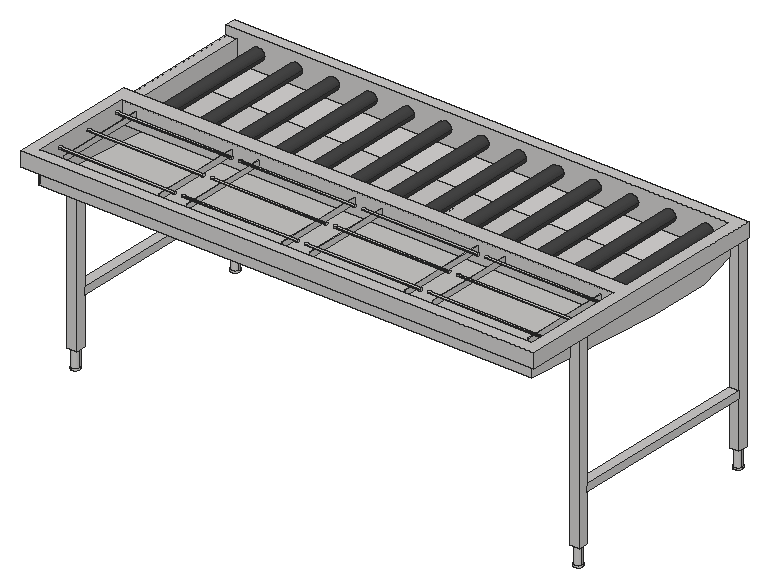
Revit family "QF_ELECTROLUXPROFESSIONAL_865258_HSMSS4RL", category Specialty Equipment, Revit 2018
Family settings
  Round Connector Dimension = Use Diameter
  Part Type = Normal
  Work Plane-Based = No
  Always vertical = Yes
  Cut with Voids When Loaded = No
  Shared = No
  Room Calculation Point = No
Parameters
  Weight = 0.00 kg
  Watts = 0 W
  Volts = 0 V
  URL Manufacturer = ""
  Steam Supply Size = 0 mm
  Steam Supply Minimum Pressure = 0.0 Pa
  Steam Supply Maximum Pressure = 0.0 Pa
  Steam Pounds per Hour = 0
  Refrigeration Suction Line Size = 0 mm
  Refrigeration Liquid Line Size = 0 mm
  Refrigerant Compressor Remote = yes
  Phase = 0
  Length Actual = 0 mm
  Item Number = ""
  Hot Water Size = 0 mm
  Height Actual = 0 mm
  HP = ""
  Gas Size = 0 mm
  Gas KW = 0
  Gas Input Pressure = 0 W
  Depth Actual = 0 mm
  Cycle = 0 Hz
  Condensate Return Size = 0 mm
  Compressed Air Volume = 0.0 L/s
  Compressed Air Size = 0 mm
  Compressed Air Pressure = 0.0 Pa
  Cold Water Size = 0 mm
  Accessory = yes
Reference planes
  plane 1: z = 0
  plane 2 "RIGHT": x = 810
  plane 3: z = 910
  plane 4: z = 0
  plane 5: z = 300
  plane 6 "BACK": y = 310
  plane 7 "FRONT": y = -800
  plane 8 "LEFT": x = -1320
  plane 9 "Center": y = 0
Forms (mm)
  Extrusion 1, solid, material "QF_Finishes_Stainless Steel"
    sketch origin (0, 0, 0) x (-1, 0, 0) y (0, -1, 0)
      loop
        line (1320, 800) -> (-810, 800) -> (-810, -310) -> (1320, -310) -> (1320, -265) -> (-765, -265) -> (-765, 755) -> (1275, 755) -> (1275, 265) -> (1320, 265) -> (1320, 800)
    from 850.091 to 910
  Extrusion 2, solid, material "QF_Finishes_Stainless Steel"
    sketch origin (0, 0, 0) x (0, 1, 0) y (0, 0, -1)
      loop
        line (-756.248, -850.091) -> (-755, -850.091) -> (-755, -784.848) -> (-131.111, -741.138) -> (130.374, -741.138) -> (265, -784.879) -> (265, -850.091) -> (266.249, -850.091) -> (266.249, -782.13) -> (130.849, -738.138) -> (-131.216, -738.138) -> (-756.248, -781.928) -> (-756.248, -850.091)
    from -765 to 1275
  Revolve 3, solid, material "QF_Finishes_Stainless Steel"
    sketch origin (-255, 0.526, -123.199) x (-1, 0, 0) y (0, 0, -1)
      loop
        line (76.494, -861.337) -> (76.494, -847.59)
        arc (76.494, -847.59) -> (75.89, -845.987) -> (74.39, -845.16) r 2.474
        arc (74.39, -845.16) -> (71.083, -841.301) -> (74.377, -837.43) r 3.913
        arc (74.377, -837.43) -> (75.887, -836.598) -> (76.494, -834.985) r 2.49
        line (76.494, -834.985) -> (76.494, -794.661)
        arc (76.494, -794.661) -> (65.844, -763.962) -> (38.457, -746.476) r 49.516
        line (38.457, -746.476) -> (38.457, -743.987) -> (37.25, -742.336) -> (37.25, -740.749) -> (23.47, -734.749) -> (23.47, -698.838) -> (21.946, -697.377) -> (0, -697.377) -> (0, -861.337) -> (76.494, -861.337)
      axis (0, -861.337) -> (0, -697.377)
    angle from 0 to 360
  Extrusion 4, solid, material "QF_Finishes_Stainless Steel"
    sketch origin (0, 0, 0) x (-1, 0, 0) y (0, -1, 0)
      loop
        line (-765, 330.124) -> (-765, 265) -> (1275, 265) -> (1275, 330.124) -> (-765, 330.124)
    from 820 to 910
  Extrusion 5, solid, material "QF_Finishes_Stainless Steel"
    sketch origin (6.015, 0, -602.691) x (-1, 0, 0) y (0, -1, 0)
      loop
        line (1283.015, -266.249) -> (1323.015, -266.249) -> (1323.015, 521.738) -> (1283.015, 521.738) -> (1283.015, -266.249)
    from 872.691 to 902.691
  Extrusion 6, solid, material "QF_Finishes_Stainless Steel"
    sketch origin (-1277, 0, 0) x (0, 1, 0) y (0, 0, -1)
      loop
        line (-756.248, -781.928) -> (-756.248, -850.091) -> (-265, -850.091) -> (-265, -875) -> (265, -875) -> (265, -850.091) -> (266.249, -850.091) -> (266.249, -782.13) -> (130.849, -738.138) -> (-131.216, -738.138) -> (-756.248, -781.928)
    from 0 to -2
  Extrusion 7, solid, material "QF_Finishes_Stainless Steel"
    sketch origin (767, 0, 0) x (0, 1, 0) y (0, 0, 1)
      loop
        line (-756.248, 850.091) -> (-756.248, 781.928) -> (-131.216, 738.138) -> (130.849, 738.138) -> (266.249, 782.13) -> (266.249, 850.091) -> (-756.248, 850.091)
    from 0 to -2
  Extrusion 8, solid, material "QF_Finishes_Stainless Steel"
    sketch origin (-516, 0.054, -598.981) x (1, 0, 0) y (0, 1, 0)
      loop
        line (1283, 266.195) -> (1283, -521.792) -> (1323, -521.792) -> (1323, 266.195) -> (1283, 266.195)
    from 869.081 to 898.981
  Extrusion 9, solid, material "QF_Finishes_Black"
    sketch origin (0, -2.5, 0) x (-1, 0, 0) y (0, 0, 1)
      loop
        circle (255, 850.047) r 25
      loop
        circle (100, 850.047) r 25
      loop
        circle (-55, 850.047) r 25
      loop
        circle (-210, 850.047) r 25
      loop
        circle (-365, 850.047) r 25
      loop
        circle (-520, 850.047) r 25
      loop
        circle (-675, 850.047) r 25
      loop
        circle (410, 850.047) r 25
      loop
        circle (565, 850.047) r 25
      loop
        circle (720, 850.047) r 25
      loop
        circle (875, 850.047) r 25
      loop
        circle (1030, 850.047) r 25
      loop
        circle (1185, 850.047) r 25
    from -262.5 to 267.5
  Extrusion 10, solid, material "QF_Finishes_Stainless Steel"
    sketch origin (0, -7.263, 2.863) x (-1, 0, 0) y (0, -1, 0)
      loop
        line (-200.029, 694.438) -> (-200.029, 322.861) -> (-196.981, 322.861) -> (-196.981, 694.438) -> (-200.029, 694.438)
      loop
        line (196.981, 694.438) -> (196.981, 322.861) -> (200.029, 322.861) -> (200.029, 694.438) -> (196.981, 694.438)
      loop
        line (-710.007, 694.438) -> (-710.007, 322.861) -> (-707.023, 322.861) -> (-707.023, 694.438) -> (-710.007, 694.438)
      loop
        line (-312.998, 694.438) -> (-312.998, 322.861) -> (-310.013, 322.861) -> (-310.013, 694.438) -> (-312.998, 694.438)
      loop
        line (1220.049, 694.438) -> (1217.001, 694.438) -> (1217.001, 322.861) -> (1220.049, 322.861) -> (1220.049, 694.438)
      loop
        line (823.039, 694.438) -> (819.991, 694.438) -> (819.991, 322.861) -> (823.039, 322.861) -> (823.039, 694.438)
      loop
        line (710.007, 694.438) -> (707.023, 694.438) -> (707.023, 322.861) -> (710.007, 322.861) -> (710.007, 694.438)
      loop
        line (312.997, 694.438) -> (310.013, 694.438) -> (310.013, 322.861) -> (312.997, 322.861) -> (312.997, 694.438)
    from 860 to 881.896
  Extrusion 11, solid, material "QF_Finishes_Stainless Steel"
    sketch origin (-2327.512, 265, 0) x (0, 1, 0) y (0, 0, 1)
      loop
        circle (-937.158, 888.745) r 3.985
      loop
        circle (-788.819, 888.745) r 3.985
      loop
        circle (-640.48, 888.745) r 3.985
    from 1067.5 to 1547.5
  Extrusion 12, solid, material "QF_Finishes_Stainless Steel"
    sketch origin (-1817.533, 265, 0) x (0, 1, 0) y (0, 0, 1)
      loop
        circle (-937.158, 888.745) r 3.985
      loop
        circle (-788.819, 888.745) r 3.985
      loop
        circle (-640.48, 888.745) r 3.985
    from 1067.5 to 1547.5
  Extrusion 13, solid, material "QF_Finishes_Stainless Steel"
    sketch origin (-1307.491, 265, 0) x (0, 1, 0) y (0, 0, 1)
      loop
        circle (-937.158, 888.745) r 3.985
      loop
        circle (-788.819, 888.745) r 3.985
      loop
        circle (-640.48, 888.745) r 3.985
    from 1067.5 to 1547.5
  Extrusion 14, solid, material "QF_Finishes_Stainless Steel"
    sketch origin (-797.513, 265, 0) x (0, 1, 0) y (0, 0, 1)
      loop
        circle (-937.158, 888.745) r 3.985
      loop
        circle (-788.819, 888.745) r 3.985
      loop
        circle (-640.48, 888.745) r 3.985
    from 1067.5 to 1547.5
  Extrusion 15, solid, material "QF_Finishes_Stainless Steel"
    sketch origin (-1767.022, 52.5, 0) x (0, 1, 0) y (0, 0, -1)
      loop
        line (-362.5, -835) -> (-362.5, -850.091) -> (-317.5, -850.091) -> (-317.5, -875) -> (212.5, -875) -> (212.5, -850.091) -> (257.5, -850.091) -> (257.5, -835) -> (242.5, -820) -> (-347.5, -820) -> (-362.5, -835)
    from -450 to -447.022
  Extrusion 16, solid, material "QF_Finishes_Stainless Steel"
    sketch origin (1280, 265, 0) x (-1, 0, 0) y (0, 0, -1)
      loop
        line (2597.022, -875) -> (2597.022, -872) -> (2557, -872) -> (2557, -875) -> (2597.022, -875)
    from 0 to 530
Cuts and joins
  joined: Extrusion 1, Extrusion 2, Revolve 3, Extrusion 4, Extrusion 6, Extrusion 7, Extrusion 10, Extrusion 11, Extrusion 12, Extrusion 13, Extrusion 14, Extrusion 15, Extrusion 16
Lines and regions (mm)
  Split face 1
    outline origin (-131.315, -0.079, 741.138) x (-1, 0, 0) y (0, -1, 0)
      loop
        circle (123.685, -0.035) r 73.783
  Split face 2
    outline origin (-131.315, -0.079, 741.138) x (-1, 0, 0) y (0, -1, 0)
      loop
        circle (123.685, -0.035) r 66.01
  Split face 3
    outline origin (-131.315, -0.079, 741.138) x (-1, 0, 0) y (0, -1, 0)
      loop
        circle (123.685, -0.035) r 53.774
  Split face 4
    outline origin (-131.315, -0.079, 741.138) x (-1, 0, 0) y (0, -1, 0)
      loop
        circle (123.685, -0.035) r 50.771
  Split face 5
    outline origin (-131.315, -0.079, 741.138) x (-1, 0, 0) y (0, -1, 0)
      loop
        circle (123.685, -0.035) r 33.793
  Split face 6
    outline origin (-131.315, -0.079, 741.138) x (-1, 0, 0) y (0, -1, 0)
      loop
        circle (123.685, -0.035) r 30.826
  Split face 7
    outline origin (-131.315, -0.079, 741.138) x (-1, 0, 0) y (0, -1, 0)
      loop
        circle (123.685, -0.035) r 13.843
  Split face 8
    outline origin (-131.315, -0.079, 741.138) x (-1, 0, 0) y (0, -1, 0)
      loop
        circle (123.685, -0.035) r 10.833
  symbolic lines
    curve 1: line (-1320, 310, 0) -> (810, 310, 0)
    curve 2: line (-1320, -800, 0) -> (-1320, 310, 0)
    curve 3: line (810, -800, 0) -> (-1320, -800, 0)
    curve 4: line (810, 310, 0) -> (810, -800, 0)
    curve 5: line (-1320, 265, 0) -> (765, 265, 0)
    curve 6: line (-1275, -755, 0) -> (-1275, 265, 0)
    curve 7: line (765, -755, 0) -> (-1275, -755, 0)
    curve 8: line (-1320, -265, 0) -> (765, -265, 0)
    curve 9: line (765, -330.124, 0) -> (-1275, -330.124, 0)
    curve 10: line (-1260.012, -371.495, 0) -> (-1260.012, -379.465, 0)
    curve 11: line (-1260.012, -379.465, 0) -> (-780.012, -379.465, 0)
    curve 12: line (-780.012, -379.465, 0) -> (-780.012, -371.495, 0)
    curve 13: line (-780.012, -371.495, 0) -> (-1260.012, -371.495, 0)
    curve 14: line (-1260.012, -519.834, 0) -> (-1260.012, -527.804, 0)
    curve 15: line (-1260.012, -527.804, 0) -> (-780.012, -527.804, 0)
    curve 16: line (-780.012, -527.804, 0) -> (-780.012, -519.834, 0)
    curve 17: line (-780.012, -519.834, 0) -> (-1260.012, -519.834, 0)
    curve 18: line (-1260.012, -668.173, 0) -> (-1260.012, -676.143, 0)
    curve 19: line (-1260.012, -676.143, 0) -> (-780.012, -676.143, 0)
    curve 20: line (-780.012, -676.143, 0) -> (-780.012, -668.173, 0)
    curve 21: line (-780.012, -668.173, 0) -> (-1260.012, -668.173, 0)
    curve 22: line (-1220.049, -330.124, 0) -> (-1220.049, -371.495, 0)
    curve 23: line (-1217.001, -330.124, 0) -> (-1217.001, -371.495, 0)
    curve 24: line (-1220.049, -379.465, 0) -> (-1220.049, -519.834, 0)
    curve 25: line (-1220.049, -701.7, 0) -> (-1220.049, -676.143, 0)
    curve 26: line (-1220.049, -701.7, 0) -> (-1217.001, -701.7, 0)
    curve 27: line (-1217.001, -701.7, 0) -> (-1217.001, -676.143, 0)
    curve 28: line (-1220.049, -668.173, 0) -> (-1220.049, -527.804, 0)
    curve 29: line (-1217.001, -527.804, 0) -> (-1217.001, -668.173, 0)
    curve 30: line (-1217.001, -519.834, 0) -> (-1217.001, -379.465, 0)
    curve 31: line (-823.039, -330.124, 0) -> (-823.039, -371.495, 0)
    curve 32: line (-819.992, -330.124, 0) -> (-819.992, -371.495, 0)
    curve 33: line (-823.039, -379.465, 0) -> (-823.039, -519.834, 0)
    curve 34: line (-823.039, -701.7, 0) -> (-823.039, -676.143, 0)
    curve 35: line (-823.039, -701.7, 0) -> (-819.992, -701.7, 0)
    curve 36: line (-819.992, -701.7, 0) -> (-819.992, -676.143, 0)
    curve 37: line (-823.039, -668.173, 0) -> (-823.039, -527.804, 0)
    curve 38: line (-819.992, -527.804, 0) -> (-819.992, -668.173, 0)
    curve 39: line (-819.992, -519.834, 0) -> (-819.992, -379.465, 0)
    curve 40: line (-750.033, -371.495, 0) -> (-750.033, -379.465, 0)
    curve 41: line (-750.033, -379.465, 0) -> (-270.033, -379.465, 0)
    curve 42: line (-270.033, -379.465, 0) -> (-270.033, -371.495, 0)
    curve 43: line (-270.033, -371.495, 0) -> (-750.033, -371.495, 0)
    curve 44: line (-750.033, -519.834, 0) -> (-750.033, -527.804, 0)
    curve 45: line (-750.033, -527.804, 0) -> (-270.033, -527.804, 0)
    curve 46: line (-270.033, -527.804, 0) -> (-270.033, -519.834, 0)
    curve 47: line (-270.033, -519.834, 0) -> (-750.033, -519.834, 0)
    curve 48: line (-750.033, -668.173, 0) -> (-750.033, -676.143, 0)
    curve 49: line (-750.033, -676.143, 0) -> (-270.033, -676.143, 0)
    curve 50: line (-270.033, -676.143, 0) -> (-270.033, -668.173, 0)
    curve 51: line (-270.033, -668.173, 0) -> (-750.033, -668.173, 0)
    curve 52: line (-710.071, -330.124, 0) -> (-710.071, -371.495, 0)
    curve 53: line (-707.023, -330.124, 0) -> (-707.023, -371.495, 0)
    curve 54: line (-710.071, -379.465, 0) -> (-710.071, -519.834, 0)
    curve 55: line (-710.071, -701.7, 0) -> (-710.071, -676.143, 0)
    curve 56: line (-710.071, -701.7, 0) -> (-707.023, -701.7, 0)
    curve 57: line (-707.023, -701.7, 0) -> (-707.023, -676.143, 0)
    curve 58: line (-710.071, -668.173, 0) -> (-710.071, -527.804, 0)
    curve 59: line (-707.023, -527.804, 0) -> (-707.023, -668.173, 0)
    curve 60: line (-707.023, -519.834, 0) -> (-707.023, -379.465, 0)
    curve 61: line (-313.061, -330.124, 0) -> (-313.061, -371.495, 0)
    curve 62: line (-310.013, -330.124, 0) -> (-310.013, -371.495, 0)
    curve 63: line (-313.061, -379.465, 0) -> (-313.061, -519.834, 0)
    curve 64: line (-313.061, -701.7, 0) -> (-313.061, -676.143, 0)
    curve 65: line (-313.061, -701.7, 0) -> (-310.013, -701.7, 0)
    curve 66: line (-310.013, -701.7, 0) -> (-310.013, -676.143, 0)
    curve 67: line (-313.061, -668.173, 0) -> (-313.061, -527.804, 0)
    curve 68: line (-310.013, -527.804, 0) -> (-310.013, -668.173, 0)
    curve 69: line (-310.013, -519.834, 0) -> (-310.013, -379.465, 0)
    curve 70: line (-239.991, -371.495, 0) -> (-239.991, -379.465, 0)
    curve 71: line (-239.991, -379.465, 0) -> (240.009, -379.465, 0)
    curve 72: line (240.009, -379.465, 0) -> (240.009, -371.495, 0)
    curve 73: line (240.009, -371.495, 0) -> (-239.991, -371.495, 0)
    curve 74: line (-239.991, -519.834, 0) -> (-239.991, -527.804, 0)
    curve 75: line (-239.991, -527.804, 0) -> (240.009, -527.804, 0)
    curve 76: line (240.009, -527.804, 0) -> (240.009, -519.834, 0)
    curve 77: line (240.009, -519.834, 0) -> (-239.991, -519.834, 0)
    curve 78: line (-239.991, -668.173, 0) -> (-239.991, -676.143, 0)
    curve 79: line (-239.991, -676.143, 0) -> (240.009, -676.143, 0)
    curve 80: line (240.009, -676.143, 0) -> (240.009, -668.173, 0)
    curve 81: line (240.009, -668.173, 0) -> (-239.991, -668.173, 0)
    curve 82: line (-200.029, -330.124, 0) -> (-200.029, -371.495, 0)
    curve 83: line (-196.981, -330.124, 0) -> (-196.981, -371.495, 0)
    curve 84: line (-200.029, -379.465, 0) -> (-200.029, -519.834, 0)
    curve 85: line (-200.029, -701.7, 0) -> (-200.029, -676.143, 0)
    curve 86: line (-200.029, -701.7, 0) -> (-196.981, -701.7, 0)
    curve 87: line (-196.981, -701.7, 0) -> (-196.981, -676.143, 0)
    curve 88: line (-200.029, -668.173, 0) -> (-200.029, -527.804, 0)
    curve 89: line (-196.981, -527.804, 0) -> (-196.981, -668.173, 0)
    curve 90: line (-196.981, -519.834, 0) -> (-196.981, -379.465, 0)
    curve 91: line (196.981, -330.124, 0) -> (196.981, -371.495, 0)
    curve 92: line (200.029, -330.124, 0) -> (200.029, -371.495, 0)
    curve 93: line (196.981, -379.465, 0) -> (196.981, -519.834, 0)
    curve 94: line (196.981, -701.7, 0) -> (196.981, -676.143, 0)
    curve 95: line (196.981, -701.7, 0) -> (200.029, -701.7, 0)
    curve 96: line (200.029, -701.7, 0) -> (200.029, -676.143, 0)
    curve 97: line (196.981, -668.173, 0) -> (196.981, -527.804, 0)
    curve 98: line (200.029, -527.804, 0) -> (200.029, -668.173, 0)
    curve 99: line (200.029, -519.834, 0) -> (200.029, -379.465, 0)
    curve 100: line (269.987, -371.495, 0) -> (269.987, -379.465, 0)
    curve 101: line (269.987, -379.465, 0) -> (749.987, -379.465, 0)
    curve 102: line (749.987, -379.465, 0) -> (749.987, -371.495, 0)
    curve 103: line (749.987, -371.495, 0) -> (269.987, -371.495, 0)
    curve 104: line (269.987, -519.834, 0) -> (269.987, -527.804, 0)
    curve 105: line (269.987, -527.804, 0) -> (749.987, -527.804, 0)
    curve 106: line (749.987, -527.804, 0) -> (749.987, -519.834, 0)
    curve 107: line (749.987, -519.834, 0) -> (269.987, -519.834, 0)
    curve 108: line (269.987, -668.173, 0) -> (269.987, -676.143, 0)
    curve 109: line (269.987, -676.143, 0) -> (749.987, -676.143, 0)
    curve 110: line (749.987, -676.143, 0) -> (749.987, -668.173, 0)
    curve 111: line (749.987, -668.173, 0) -> (269.987, -668.173, 0)
    curve 112: line (309.95, -330.124, 0) -> (309.95, -371.495, 0)
    curve 113: line (312.998, -330.124, 0) -> (312.998, -371.495, 0)
    curve 114: line (309.95, -379.465, 0) -> (309.95, -519.834, 0)
    curve 115: line (309.95, -701.7, 0) -> (309.95, -676.143, 0)
    curve 116: line (309.95, -701.7, 0) -> (312.998, -701.7, 0)
    curve 117: line (312.998, -701.7, 0) -> (312.998, -676.143, 0)
    curve 118: line (309.95, -668.173, 0) -> (309.95, -527.804, 0)
    curve 119: line (312.998, -527.804, 0) -> (312.998, -668.173, 0)
    curve 120: line (312.998, -519.834, 0) -> (312.998, -379.465, 0)
    curve 121: line (706.959, -330.124, 0) -> (706.959, -371.495, 0)
    curve 122: line (710.007, -330.124, 0) -> (710.007, -371.495, 0)
    curve 123: line (706.959, -379.465, 0) -> (706.959, -519.834, 0)
    curve 124: line (706.959, -701.7, 0) -> (706.959, -676.143, 0)
    curve 125: line (706.959, -701.7, 0) -> (710.007, -701.7, 0)
    curve 126: line (710.007, -701.7, 0) -> (710.007, -676.143, 0)
    curve 127: line (706.959, -668.173, 0) -> (706.959, -527.804, 0)
    curve 128: line (710.007, -527.804, 0) -> (710.007, -668.173, 0)
    curve 129: line (710.007, -519.834, 0) -> (710.007, -379.465, 0)
    curve 130: line (-1210, 265, 0) -> (-1210, -265, 0)
    curve 131: line (-1160, -265, 0) -> (-1160, 265, 0)
    curve 132: line (-1055, 265, 0) -> (-1055, -265, 0)
    curve 133: line (-1005, -265, 0) -> (-1005, 265, 0)
    curve 134: line (-900, 265, 0) -> (-900, -265, 0)
    curve 135: line (-850, -265, 0) -> (-850, 265, 0)
    curve 136: line (-745, 265, 0) -> (-745, -265, 0)
    curve 137: line (-695, -265, 0) -> (-695, 265, 0)
    curve 138: line (-590, 265, 0) -> (-590, -265, 0)
    curve 139: line (-540, -265, 0) -> (-540, 265, 0)
    curve 140: line (-435, 265, 0) -> (-435, -265, 0)
    curve 141: line (-385, -265, 0) -> (-385, 265, 0)
    curve 142: line (-280, 265, 0) -> (-280, -265, 0)
    curve 143: line (-230, -265, 0) -> (-230, 265, 0)
    curve 144: line (-125, 265, 0) -> (-125, -265, 0)
    curve 145: line (-75, -265, 0) -> (-75, 265, 0)
    curve 146: line (30, 265, 0) -> (30, -265, 0)
    curve 147: line (80, -265, 0) -> (80, 265, 0)
    curve 148: line (185, 265, 0) -> (185, -265, 0)
    curve 149: line (235, -265, 0) -> (235, 265, 0)
    curve 150: line (340, 265, 0) -> (340, -265, 0)
    curve 151: line (390, -265, 0) -> (390, 265, 0)
    curve 152: line (495, 265, 0) -> (495, -265, 0)
    curve 153: line (545, -265, 0) -> (545, 265, 0)
    curve 154: line (650, 265, 0) -> (650, -265, 0)
    curve 155: line (765, -265, 0) -> (765, 265, 0)
    curve 156: line (765, -755, 0) -> (765, -330.124, 0)
    curve 157: line (700, 265, 0) -> (700, -265, 0)
    curve 158: line (810, 0, 0) -> (780, 0, 0)
    curve 159: arc (-331.496, 0.526, 0) -> (-255, 77.021, 0) -> (-178.504, 0.526, 0) r 76.496
    curve 160: arc (-178.504, 0.526, 0) -> (-255, -75.97, 0) -> (-331.496, 0.526, 0) r 76.496
    curve 161: arc (-276.946, 0.526, 0) -> (-255, -21.421, 0) -> (-233.054, 0.526, 0) r 21.946
    curve 162: arc (-233.054, 0.526, 0) -> (-255, 22.472, 0) -> (-276.946, 0.526, 0) r 21.946
Dimensions and locks
  plane 3 to level = 910 mm
  plane 8 "LEFT" to plane 2 "RIGHT" = 2130 mm
  aligned and locked: level to plane 1
Nested families
  nested 1: "Foot_40x40" at (-1297, -541.738, 0), type "Foot_40x40"
    with A 850.091 mm
  nested 2: "Foot_40x40" at (-1297, 286.249, 0), type "Foot_40x40"
    with A 850.091 mm
  nested 3: "Foot_40x40" at (787, -541.738, 0) x (-1, 0, 0) z (0, 0, 1), type "Foot_40x40"
    with A 850.091 mm
  nested 4: "Foot_40x40" at (787, 286.249, 0) x (-1, 0, 0) z (0, 0, 1), type "Foot_40x40"
    with A 850.091 mm
Connectors
  piping at (-255, 0.526, 574.178), diameter 30
    settings: on cut or joined group of Extrusion 1, Extrusion 2, Revolve 3, Extrusion 4, Extrusion 6, Extrusion 7, Extrusion 10, Extrusion 11, Extrusion 12, Extrusion 13, Extrusion 14, Extrusion 15, Extrusion 16, index 1, connector inside diameter 609.6 mm, connector length 0 mm, flow factor 0, pipe flow 0.0 L/s, pressure drop 0.0 Pa, fitting loss kfactor 0, connector angle 0.00°, fixture units 0, engagement length 0 mm, angle of deflection 0.00°, flow configuration 1, flow direction 2, fitting loss method 0, system type 16, joint type 0, gender type 0, connector reference index -1, connector utility 0, adjustable connector no, is connector primary yes, connector description "Drain"
Definition of nested family "Foot_40x40"
  Parameters
    A [instance] = 850 mm
  Reference planes
    plane 1 "Centro (Fronte/Retro)": y = 0
    plane 2: z = 0
    plane 3 "Centro (Sinistra/Destra)": x = 0
    plane 4: z = 850
  Forms (mm)
    Extrusion 1, solid
      sketch origin (0, 0, 0) x (1, 0, 0) y (0, 1, 0)
        loop
          circle (0, 0) r 18
      from 0 to 5
    Extrusion 2, solid
      sketch origin (0, 0, 5) x (1, 0, 0) y (0, 1, 0)
        loop
          circle (0, 0) r 15
      from 0 to 70
    Extrusion 3, solid
      sketch origin (0, 0, 75) x (1, 0, 0) y (0, 1, 0)
        loop
          line (-20, 20) -> (-20, -20) -> (20, -20) -> (20, 20) -> (-20, 20)
      from 0 to 775
  Dimensions and locks
    "A": plane 4 to plane 2
    aligned and locked: level to plane 2
    aligned and locked: plane 4 to Extrusion 3
    aligned and locked: Extrusion 1 to level
  Automatic sketch dimensions
    plane 1 "Centro (Fronte/Retro)" to Extrusion 1 sketch curve = 0 mm
    Extrusion 1 sketch curve to plane 3 "Centro (Sinistra/Destra)" = 0 mm
    Extrusion 3 sketch curve to Extrusion 3 sketch curve = 40 mm  (x2)
    radius of Extrusion 1 sketch curve = 18 mm
    radius of Extrusion 2 sketch curve to Extrusion 1 = 3 mm
